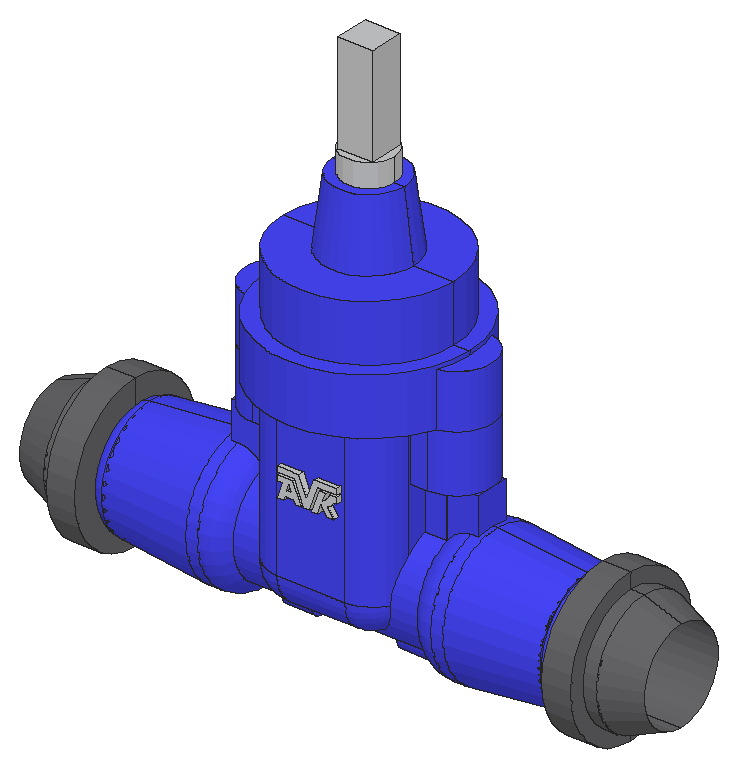
Revit family "03-30-005 DN25-50", category Pipe Accessories, Revit 2022
Family settings
  Round Connector Dimension = Use Diameter
  Part Type = Valve - Breaks Into
  Work Plane-Based = No
  Always vertical = Yes
  Cut with Voids When Loaded = No
  Shared = No
Parameters (values of type "DN020_PN16")
  bonnet_W = size_lookup(Search_table, "bonnet_W", 0 mm, DN) / 2  # 35.5 mm
  bonnet_L = size_lookup(Search_table, "bonnet_L", 0 mm, DN) / 2  # 51 mm
  W = size_lookup(Search_table, "W", 0 mm, DN) / 2  # 35.5 mm
  URL_product_pages = "https://www.avkvalves.com/P.aspx?no=03025300046499"
  Thickness = Body_T * 0.35  # 7 mm
  T = size_lookup(Search_table, "T", 0 mm, DN)  # 5 mm
  Search_table = "03-30-005 DN25-50"
  Rib_L = Body_L1 * 0.75  # 25.163 mm
  Od11 = (H3 - H) * 0.8  # 19.2 mm
  O2 = size_lookup(Search_table, "O2", 0 mm, DN) / 2  # 16.25 mm
  O1 = size_lookup(Search_table, "O1", 0 mm, DN) / 2  # 26.5 mm
  L3 = L2 * 1.1  # 45.1 mm
  L2 = L / 2  # 41 mm
  L1 = size_lookup(Search_table, "L1", 0 mm, DN) / 2  # 109.5 mm
  L = size_lookup(Search_table, "L", 0 mm, DN) / 2  # 82 mm
  H3-H = H3 - H  # 24 mm
  F6 = Body_L * 1.01  # 30.805 mm
  F5 = F4 * 1.9  # 29.925 mm
  F4 = F3 * 1.25  # 15.75 mm
  F3 = F1 * 1.4  # 12.6 mm
  F2 = size_lookup(Search_table, "F2", 0 mm, DN)  # 35 mm
  F12 = F2 * 0.23  # 8.05 mm
  F11 = F1 * 1.2  # 10.8 mm
  F1 = 9 mm  # constant formula
  F = size_lookup(Search_table, "F", 0 mm, DN) / 2  # 6 mm
  Description_ = "AVK SERVICE CONNECTION VALVE, DI, PN16"
  Default Elevation = 0 mm
  Dd1 = size_lookup(Search_table, "Dd1", 0 mm, DN) / 2  # 21 mm
  DN025_PN16 = "03-032-30-0046499\r\n 03-032-30-0046499\r\n03-032-30-0046499\r\n03-032-30-0046499\r\n03-032-30-0046499"
  DN050_PN16 = "03-063-30-00"
  DN040_PN16 = "03-050-30-00"
  DN032_PN16 = "03-040-30-0046499"
  DN020_PN16 = "03-025-30-0046499"
  DN = 20 mm
  H3 = size_lookup(Search_table, "H3", 0 mm, DN)  # 187 mm
  D2 = Dd * 1.3  # 17.55 mm
  D1 = Dd * 1.15  # 15.525 mm
  Dd = size_lookup(Search_table, "Dd", 0 mm, DN) / 2  # 13.5 mm
  H = size_lookup(Search_table, "H", 0 mm, DN)  # 163 mm
  Bore = DN / 2  # 10 mm
  Bonnet_R = size_lookup(Search_table, "Bonnet_R", 0 mm, DN)  # 12.5 mm
  Body_rib1 = Body_L * 1.05  # 32.025 mm
  Body_W = size_lookup(Search_table, "Body_W", 0 mm, DN) / 2  # 25.5 mm
  Body_T = size_lookup(Search_table, "Body_T", 0 mm, DN)  # 20 mm
  Body_Rib_L = Dd / 2  # 6.75 mm
  Body_L2 = Body_L1 * 1.2  # 40.26 mm
  Body_L1 = Body_L * 1.1  # 33.55 mm
  Body_L = size_lookup(Search_table, "Body_L", 0 mm, DN) / 2  # 30.5 mm
  Body_H = size_lookup(Search_table, "Body_H", 0 mm, DN) * 1.1  # 56.1 mm
  Body_L3 = Body_L * 0.8  # 24.4 mm
  6 = 6 mm  # constant formula
  15 = 15 mm  # constant formula
  10 = 10 mm  # constant formula
  1 = 1 mm  # constant formula
  0 = 0 mm  # constant formula
Types (6, lengths in mm): name | bonnet_W | bonnet_L | W | Thickness | Rib_L | Od11 | O2 | O1 | L3 | L2 | L1 | L | H3-H | F6 | Dd1 | DN | H3 | D2 | D1 | Dd | H | Bore | Body_rib1 | Body_W | Body_T | Body_Rib_L | Body_L2 | Body_L1 | Body_L | Body_H | Body_L3
  (no name) | 35.5 | 51 | 35.5 | 7 | 25.163 | 19.2 | 16.25 | 26.5 | 45.1 | 41 | 109.5 | 82 | 24 | 30.805 | 21 | 20 | 187 | 17.55 | 15.525 | 13.5 | 163 | 10 | 32.025 | 25.5 | 20 | 6.75 | 40.26 | 33.55 | 30.5 | 56.1 | 24.4
  DN020_PN16 | 35.5 | 51 | 35.5 | 7 | 25.163 | 19.2 | 16.25 | 26.5 | 45.1 | 41 | 109.5 | 82 | 24 | 30.805 | 21 | 20 | 187 | 17.55 | 15.525 | 13.5 | 163 | 10 | 32.025 | 25.5 | 20 | 6.75 | 40.26 | 33.55 | 30.5 | 56.1 | 24.4
  DN025_PN16 | 35.5 | 51 | 35.5 | 7 | 25.163 | 23.2 | 16.25 | 26.5 | 50.875 | 46.25 | 109.5 | 92.5 | 29 | 30.805 | 24.5 | 25 | 192 | 20.8 | 18.4 | 16 | 163 | 12.5 | 32.025 | 25.5 | 20 | 8 | 40.26 | 33.55 | 30.5 | 56.1 | 24.4
  DN032_PN16 | 35.5 | 51 | 35.5 | 7 | 25.163 | 25.6 | 20.5 | 30 | 56.375 | 51.25 | 119.5 | 102.5 | 32 | 30.805 | 29 | 32 | 208 | 27.95 | 24.725 | 21.5 | 176 | 16 | 32.025 | 25.5 | 20 | 10.75 | 40.26 | 33.55 | 30.5 | 69.3 | 24.4
  DN040_PN16 | 45 | 62.5 | 45 | 10.15 | 35.888 | 30.4 | 25.5 | 36 | 70.4 | 64 | 151 | 128 | 38 | 43.935 | 31 | 40 | 262 | 33.8 | 29.9 | 26 | 224 | 20 | 45.675 | 37.5 | 29 | 13 | 57.42 | 47.85 | 43.5 | 99 | 34.8
  DN050_PN16 | 45 | 62.5 | 45 | 10.5 | 35.888 | 38.4 | 31.5 | 43 | 84.15 | 76.5 | 176 | 153 | 48 | 43.935 | 35 | 50 | 282 | 44.2 | 39.1 | 34 | 234 | 25 | 45.675 | 37.5 | 30 | 17 | 57.42 | 47.85 | 43.5 | 110 | 34.8
Reference planes
  plane 1 "Center (Front/Back)": y = 0
  plane 2: z = 0
  plane 3 "Center (Left/Right)": x = 0
  plane 4: z = 10
  plane 5: z = -10
  plane 6: y = -13.5
  plane 7: y = 13.5
  plane 8: z = 13.5
  plane 9: z = -13.5
  plane 10: x = -109.5
  plane 11: x = 109.5
  plane 12: z = -24
  plane 13: x = -25.162
  plane 14: x = 25.163
  plane 15: z = 56.1
  plane 16: z = 76.1
  plane 17: z = 163
  plane 18: x = -6
  plane 19: x = 6
  plane 20: x = -9
  plane 21: x = 6
  plane 22: y = 17.75
  plane 23: y = -17.75
  plane 24: x = -82
  plane 25: x = 82
  plane 26: x = -51
  plane 27: z = 26.5
  plane 28: z = 13.5
  plane 29: z = -13.5
  plane 30: z = 128
  plane 31: z = 119.95
  plane 32: x = 9
  plane 33: y = 35.5
  plane 34: y = -35.5
Forms (mm)
  Revolve 1, solid, material "Laminate, Blue, Matte"
    sketch origin (0, 0, 0) x (1, 0, 0) y (0, 0, 1)
      loop
        line (-51, 19.2) -> (-51, 10) -> (51, 10) -> (51, 19.2) -> (-51, 19.2)
      axis (-51, 0) -> (51, 0)
    angle from 0 to 360
  Extrusion 2, solid, material "Laminate, Blue, Matte"
    sketch origin (-25.162, -1524, 129.627) x (0, 0, 1) y (0, -1, 0)
      loop
        line (-129.627, -1517.25) -> (-147.627, -1517.25)
        arc (-147.627, -1517.25) -> (-151.869, -1519.007) -> (-153.627, -1523.25) r 6
        line (-153.627, -1523.25) -> (-153.627, -1524.75)
        arc (-153.627, -1524.75) -> (-151.869, -1528.993) -> (-147.627, -1530.75) r 6
        line (-147.627, -1530.75) -> (-129.627, -1530.75) -> (-129.627, -1517.25)
    from 0 to 10
  Extrusion 3, solid, material "Laminate, Blue, Matte"
    sketch origin (0, 0, 0) x (0, 1, 0) y (0, 0, 1)
      loop
        line (6.75, 0) -> (-6.75, 0) -> (-6.75, -18)
        arc (-6.75, -18) -> (-4.993, -22.243) -> (-0.75, -24) r 6
        line (-0.75, -24) -> (0.75, -24)
        arc (0.75, -24) -> (4.993, -22.243) -> (6.75, -18) r 6
        line (6.75, -18) -> (6.75, 0)
    from 15.163 to 25.163
  Extrusion 4, solid, material "Laminate, Blue, Matte"
    sketch origin (0, 0, 0) x (1, 0, 0) y (0, 1, 0)
      loop
        arc (-11.9, 25.5) -> (-20.739, 21.839) -> (-24.4, 13) r 12.5
        line (-24.4, 13) -> (-24.4, -13)
        arc (-24.4, -13) -> (-20.739, -21.839) -> (-11.9, -25.5) r 12.5
        line (-11.9, -25.5) -> (11.9, -25.5)
        arc (11.9, -25.5) -> (20.739, -21.839) -> (24.4, -13) r 12.5
        line (24.4, -13) -> (24.4, 13)
        arc (24.4, 13) -> (20.739, 21.839) -> (11.9, 25.5) r 12.5
        line (11.9, 25.5) -> (-11.9, 25.5)
    from 0 to 56.1
  Revolve 5, solid, material "Laminate, Blue, Matte"
    sketch origin (0, 0, 0) x (1, 0, 0) y (0, 0, 1)
      loop
        line (0, 56.1) -> (35.5, 56.1) -> (35.5, 76.1) -> (29.925, 76.1) -> (29.925, 96.1) -> (15.75, 96.1) -> (12.6, 119.95) -> (0, 119.95) -> (0, 56.1)
      axis (0, 119.95) -> (0, 56.1)
    angle from 0 to 360
  Revolve 6, solid, material "Laminate, Blue, Matte"
    sketch origin (0, 0, 0) x (1, 0, 0) y (0, 1, 0)
      loop
        line (11.9, 25.5) -> (-11.9, 25.5)
        arc (-11.9, 25.5) -> (-20.739, 21.839) -> (-24.4, 13) r 12.5
        line (-24.4, 13) -> (24.4, 13)
        arc (24.4, 13) -> (20.739, 21.839) -> (11.9, 25.5) r 12.5
      axis (-24.4, 13) -> (24.4, 13)
    angle from 0 to 360
  Extrusion 7, solid, material "Laminate, Blue, Matte"
    sketch origin (0, 0, 0) x (1, 0, 0) y (0, 0, 1)
      loop
        line (-32.025, 36.1) -> (-32.025, 10) -> (32.025, 10) -> (32.025, 36.1) -> (-32.025, 36.1)
    from -6 to 6
  Revolve 8, solid, material "Laminate, Blue, Matte"
    sketch origin (0, 0, 0) x (1, 0, 0) y (0, 1, 0)
      loop
        line (-11.9, -25.5) -> (11.9, -25.5)
        arc (11.9, -25.5) -> (20.739, -21.839) -> (24.4, -13) r 12.5
        line (24.4, -13) -> (-24.4, -13)
        arc (-24.4, -13) -> (-20.739, -21.839) -> (-11.9, -25.5) r 12.5
      axis (-24.4, -13) -> (24.4, -13)
    angle from 0 to 360
  Extrusion 9, solid, material "Laminate, Blue, Matte"
    sketch origin (-665.138, -1524, 56.1) x (-1, 0, 0) y (0, -1, 0)
      loop
        arc (-634.333, -1536.5) -> (-621.833, -1524) -> (-634.333, -1511.5) r 12.5
        line (-634.333, -1511.5) -> (-695.943, -1511.5)
        arc (-695.943, -1511.5) -> (-708.443, -1524) -> (-695.943, -1536.5) r 12.5
        line (-695.943, -1536.5) -> (-634.333, -1536.5)
    from 0 to -20
  Extrusion 10, solid, material "Laminate, Blue, Matte"
    sketch origin (-665.138, -1524, 56.1) x (-1, 0, 0) y (0, -1, 0)
      loop
        arc (-634.333, -1536.5) -> (-621.833, -1524) -> (-634.333, -1511.5) r 12.5
        line (-634.333, -1511.5) -> (-695.943, -1511.5)
        arc (-695.943, -1511.5) -> (-708.443, -1524) -> (-695.943, -1536.5) r 12.5
        line (-695.943, -1536.5) -> (-634.333, -1536.5)
    from 0 to 19
  Revolve 11, solid, material "Aluminum 1100-O"
    sketch origin (0, 0, 0) x (1, 0, 0) y (0, 0, 1)
      loop
        line (-51, 0) -> (-51, -10) -> (51, -10) -> (51, 0) -> (-51, 0)
      axis (-51, 0) -> (51, 0)
    angle from 0 to 360
  Revolve 12, solid, material "Laminate, Blue, Matte"
    sketch origin (0, 0, 0) x (1, 0, 0) y (0, 0, 1)
      loop
        line (51, 10) -> (76.5, 10)
        arc (76.5, 10) -> (82, 15.5) -> (76.5, 21) r 5.5
        line (76.5, 21) -> (51, 21) -> (51, 10)
      loop
        line (-51, 21) -> (-76.5, 21)
        arc (-76.5, 21) -> (-82, 15.5) -> (-76.5, 10) r 5.5
        line (-76.5, 10) -> (-51, 10) -> (-51, 21)
      axis (-76.5, 0) -> (76.5, 0)
    angle from 0 to 360
  Revolve 13, solid, material "Laminate, Blue, Matte"
    sketch origin (0, 0, 0) x (1, 0, 0) y (0, 0, 1)
      loop
        line (-77, 21) -> (-77, 10) -> (-32.025, 10)
        arc (-32.025, 10) -> (-32.685, 19.454) -> (-41, 24) r 9.877
        line (-41, 24) -> (-45.1, 24) -> (-77, 21)
      loop
        line (77, 21) -> (45.1, 24) -> (41, 24)
        arc (41, 24) -> (32.685, 19.454) -> (32.025, 10) r 9.877
        line (32.025, 10) -> (77, 10) -> (77, 21)
      axis (-77, 0) -> (77, 0)
    angle from 0 to 360
  Revolve 14, solid, material "Aluminum 1100-O"
    sketch origin (0, 0, 0) x (1, 0, 0) y (0, 0, 1)
      loop
        line (109.5, 16.25) -> (97, 21.25) -> (92, 21.25) -> (92, 26.5) -> (82, 26.5) -> (82, 16.25) -> (109.5, 16.25)
      loop
        line (-109.5, 16.25) -> (-82, 16.25) -> (-82, 26.5) -> (-92, 26.5) -> (-92, 21.25) -> (-97, 21.25) -> (-109.5, 16.25)
      axis (-109.5, 0) -> (109.5, 0)
    angle from 0 to 360
  Extrusion 15, solid, material "Default New Material"
    sketch origin (-88.047, -1524, 119.95) x (-1, 0, 0) y (0, -1, 0)
      loop
        circle (-88.047, -1524) r 9
    from 0 to 8.05
  Extrusion 16, solid, material "Default New Material"
    sketch origin (-88.047, -1524, 119.95) x (-1, 0, 0) y (0, -1, 0)
      loop
        line (-82.047, -1530) -> (-82.047, -1518) -> (-94.047, -1518) -> (-94.047, -1530) -> (-82.047, -1530)
    from 8.05 to 43.05
  Extrusion 17, solid, material "Laminate, Blue, Matte"
    sketch origin (0, 0, 0) x (1, 0, 0) y (0, 0, 1)
      loop
        line (-43.305, 36.1) -> (-43.305, 13.5) -> (43.305, 13.5) -> (43.305, 36.1) -> (-43.305, 36.1)
    from -6 to 6
Dimensions and locks
  equal spacing: plane 4, level, plane 5
  "Bore": plane 4 to level
  equal spacing: plane 7, plane 1 "Center (Front/Back)", plane 6
  "Dd": plane 7 to plane 1 "Center (Front/Back)"
  equal spacing: plane 8, level, plane 9
  "Dd": plane 8 to level
  equal spacing: plane 11, plane 3 "Center (Left/Right)", plane 10
  "bonnet_L": plane 3 "Center (Left/Right)" to Revolve 1 sketch curve
  equal spacing: Revolve 1 sketch curve, plane 3 "Center (Left/Right)", Revolve 1 sketch curve
  "H3-H": level to plane 12
  equal spacing: plane 14, plane 3 "Center (Left/Right)", plane 13
  "Rib_L": plane 14 to plane 3 "Center (Left/Right)"
  equal spacing: Extrusion 2 sketch curve, plane 1 "Center (Front/Back)", Extrusion 2 sketch curve
  "Body_Rib_L": Extrusion 2 sketch curve to plane 1 "Center (Front/Back)"
  "H3-H": level to Extrusion 2 sketch curve
  "10": Extrusion 2 to plane 13
  equal spacing: Extrusion 3 sketch curve, plane 1 "Center (Front/Back)", Extrusion 3 sketch curve
  "Body_Rib_L": plane 1 "Center (Front/Back)" to Extrusion 3 sketch curve
  equal spacing: Extrusion 3, plane 3 "Center (Left/Right)", Extrusion 2
  equal spacing: Extrusion 4 sketch curve, plane 3 "Center (Left/Right)", Extrusion 4 sketch curve
  equal spacing: Extrusion 4 sketch curve, plane 1 "Center (Front/Back)", Extrusion 4 sketch curve
  "Body_L3": Extrusion 4 sketch curve to plane 3 "Center (Left/Right)"
  "Body_W": plane 1 "Center (Front/Back)" to Extrusion 4 sketch curve
  "Body_H": plane 15 to level
  "Body_T": plane 16 to plane 15
  "F": plane 3 "Center (Left/Right)" to plane 18
  "F1": plane 3 "Center (Left/Right)" to plane 20
  "H": plane 17 to level
  "F4": Revolve 5 sketch curve to plane 3 "Center (Left/Right)"
  "W": Revolve 5 sketch curve to plane 3 "Center (Left/Right)"
  "Body_T": Revolve 5 sketch curve to plane 16
  "F5": Revolve 5 sketch curve to plane 3 "Center (Left/Right)"
  "Body_T": plane 15 to Extrusion 7 sketch curve
  equal spacing: Extrusion 7 sketch curve, plane 3 "Center (Left/Right)", Extrusion 7 sketch curve
  "Body_rib1": plane 3 "Center (Left/Right)" to Extrusion 7 sketch curve
  equal spacing: Extrusion 7, plane 1 "Center (Front/Back)", Extrusion 7
  "6": Extrusion 7 to plane 1 "Center (Front/Back)"
  "Body_T": plane 15 to Extrusion 9
  equal spacing: Extrusion 9 sketch curve, plane 1 "Center (Front/Back)", Extrusion 9 sketch curve
  "F6": plane 3 "Center (Left/Right)" to Extrusion 9 sketch curve
  equal spacing: Extrusion 9 sketch curve, plane 3 "Center (Left/Right)", Extrusion 9 sketch curve
  equal spacing: Extrusion 10 sketch curve, plane 3 "Center (Left/Right)", Extrusion 10 sketch curve
  equal spacing: Extrusion 10 sketch curve, plane 1 "Center (Front/Back)", Extrusion 10 sketch curve
  "F6": Extrusion 10 sketch curve to plane 3 "Center (Left/Right)"
  "1": plane 16 to Extrusion 10
  "Body_T": plane 15 to nested 1
  plane 8 to plane 9 = 27 mm  (x2)
  plane 17 to level = 163 mm
  plane 17 to plane 12 = 187 mm
  plane 19 to plane 18 = 12 mm
  equal spacing: plane 22, plane 1 "Center (Front/Back)", plane 23
  "bonnet_W": plane 22 to plane 23
  plane 22 to plane 23 = 35.5 mm
  "L1": plane 3 "Center (Left/Right)" to plane 10
  equal spacing: plane 25, plane 3 "Center (Left/Right)", plane 24
  "L": plane 3 "Center (Left/Right)" to plane 24
  "bonnet_L": plane 3 "Center (Left/Right)" to plane 26
  equal spacing: Revolve 11 sketch curve, plane 3 "Center (Left/Right)", Revolve 11 sketch curve
  "bonnet_L": plane 3 "Center (Left/Right)" to Revolve 11 sketch curve
  "Bore": level to Revolve 11 sketch curve
  "L": Revolve 12 sketch curve to plane 3 "Center (Left/Right)"
  "bonnet_L": plane 3 "Center (Left/Right)" to Revolve 12 sketch curve
  "L": plane 3 "Center (Left/Right)" to Revolve 12 sketch curve
  "Dd1": Revolve 12 sketch curve to level
  "O1": plane 27 to level
  "T": Revolve 13 sketch curve to plane 24
  "Dd1": Revolve 13 sketch curve to level  (x2)
  "bonnet_L": Revolve 12 sketch curve to plane 3 "Center (Left/Right)"
  "T": plane 25 to Revolve 13 sketch curve
  "Od11": Revolve 1 sketch curve to level
  "L3": plane 3 "Center (Left/Right)" to Revolve 13 sketch curve
  "H3-H": Revolve 13 sketch curve to level  (x2)
  "Body_rib1": Revolve 13 sketch curve to plane 3 "Center (Left/Right)"
  "L2": Revolve 13 sketch curve to plane 3 "Center (Left/Right)"  (x2)
  "L3": Revolve 13 sketch curve to plane 3 "Center (Left/Right)"
  "Body_rib1": plane 3 "Center (Left/Right)" to Revolve 13 sketch curve
  "L2": plane 3 "Center (Left/Right)" to Revolve 13 sketch curve  (x2)
  "O2": Revolve 14 sketch curve to level
  "O1": Revolve 14 sketch curve to level
  "10": Revolve 14 sketch curve to plane 25
  "15": Revolve 14 sketch curve to plane 25
  "L1": Revolve 14 sketch curve to plane 3 "Center (Left/Right)"
  "L1": plane 3 "Center (Left/Right)" to Revolve 14 sketch curve
  "15": plane 24 to Revolve 14 sketch curve
  "10": plane 24 to Revolve 14 sketch curve
  "T": Revolve 14 sketch curve to Revolve 14 sketch curve
  "Dd": plane 28 to level
  equal spacing: plane 28, level, plane 29
  plane 11 to plane 10 = 219 mm
  plane 25 to plane 24 = 164 mm
  "F2": plane 17 to plane 30
  "F12": plane 30 to plane 31
  equal spacing: plane 32, plane 3 "Center (Left/Right)", plane 20
  plane 32 to plane 20 = 18 mm
  "F1": plane 32 to plane 3 "Center (Left/Right)"
  "F3": Revolve 5 sketch curve to plane 3 "Center (Left/Right)"
  equal spacing: Extrusion 15 sketch curve, plane 3 "Center (Left/Right)", Extrusion 15 sketch curve
  equal spacing: Extrusion 15 sketch curve, plane 1 "Center (Front/Back)", Extrusion 15 sketch curve
  equal spacing: Extrusion 16 sketch curve, plane 3 "Center (Left/Right)", Extrusion 16 sketch curve
  equal spacing: Extrusion 16 sketch curve, plane 1 "Center (Front/Back)", Extrusion 16 sketch curve
  "F": Extrusion 16 sketch curve to plane 3 "Center (Left/Right)"
  "F": plane 1 "Center (Front/Back)" to Extrusion 16 sketch curve
  equal spacing: plane 33, plane 1 "Center (Front/Back)", plane 34
  "W": plane 33 to plane 1 "Center (Front/Back)"
  plane 33 to plane 34 = 71 mm
  equal spacing: Extrusion 17 sketch curve, plane 3 "Center (Left/Right)", Extrusion 17 sketch curve
  equal spacing: Extrusion 17, plane 1 "Center (Front/Back)", Extrusion 17
  "6": Extrusion 17 to plane 1 "Center (Front/Back)"
  "6": radius of Extrusion 2 sketch curve  (x2)
  "6": radius of Extrusion 3 sketch curve  (x2)
  "Bonnet_R": radius of Extrusion 4 sketch curve  (x4)
  "Bonnet_R": radius of Extrusion 9 sketch curve  (x2)
  "Bonnet_R": radius of Extrusion 10 sketch curve
  "F1": radius of Extrusion 15 sketch curve
  aligned and locked: level to plane 2
  aligned and locked: plane 4 to Revolve 1 sketch curve
  aligned and locked: Revolve 1 sketch curve to level
  aligned and locked: Extrusion 2 to plane 13
  aligned and locked: Extrusion 2 sketch curve to level
  aligned and locked: plane 12 to Extrusion 3 sketch curve
  aligned and locked: Extrusion 3 sketch curve to level
  aligned and locked: plane 14 to Extrusion 3
  aligned and locked: Extrusion 4 to level
  aligned and locked: plane 15 to Extrusion 4
  aligned and locked: Revolve 5 sketch curve to plane 3 "Center (Left/Right)"
  aligned and locked: Revolve 6 sketch curve to Extrusion 4  (x2)
  aligned and locked: Revolve 6 sketch curve to Revolve 6 sketch curve
  aligned and locked: plane 4 to Extrusion 7 sketch curve
  aligned and locked: Revolve 8 sketch curve to Extrusion 4  (x2)
  aligned and locked: Revolve 8 sketch curve to Revolve 8 sketch curve
  aligned and locked: plane 15 to Extrusion 9
  aligned and locked: Extrusion 10 to plane 15
  aligned and locked: plane 3 "Center (Left/Right)" to nested 1
  aligned and locked: Revolve 11 sketch curve to level  (x2)
  aligned and locked: Revolve 12 sketch curve to plane 4
  aligned and locked: plane 4 to Revolve 12 sketch curve
  aligned and locked: Revolve 12 sketch curve to level
  aligned and locked: Revolve 12 sketch curve to Revolve 12 sketch curve
  aligned and locked: plane 4 to Revolve 13 sketch curve
  aligned and locked: Revolve 13 sketch curve to level
  aligned and locked: Revolve 14 sketch curve to plane 25
  aligned and locked: Revolve 14 sketch curve to level
  aligned and locked: Revolve 14 sketch curve to plane 24
  aligned and locked: Revolve 14 sketch curve to Revolve 14 sketch curve  (x3)
  aligned and locked: plane 31 to Revolve 5 sketch curve
  aligned and locked: Extrusion 15 to plane 31
  aligned and locked: plane 30 to Extrusion 15
  aligned and locked: Extrusion 16 to plane 30
  aligned and locked: plane 17 to Extrusion 16
  aligned and locked: Extrusion 9 to Extrusion 17 sketch curve
  aligned and locked: Extrusion 17 sketch curve to plane 28
Automatic sketch dimensions
  Revolve 6 sketch curve to Revolve 6 sketch curve = 2.192 mm
  Revolve 6 sketch curve to Revolve 6 sketch curve = 1.963 mm
  Revolve 8 sketch curve to Revolve 8 sketch curve = 4.921 mm
  Revolve 8 sketch curve to Revolve 8 sketch curve = 0.136 mm
  plane 26 to Extrusion 17 sketch curve = 7.695 mm
  plane 10 to Revolve 1 sketch curve = 5.283 mm
  Revolve 1 sketch curve to plane 13 = 2.979 mm
  Revolve 5 sketch curve to plane 3 "Center (Left/Right)" = 0 mm
  Revolve 5 sketch curve to plane 15 = 0 mm
  Revolve 5 sketch curve to plane 16 = 0 mm
  Revolve 5 sketch curve to plane 31 = 16.293 mm
  Revolve 5 sketch curve to plane 31 = 0.905 mm
  Revolve 11 sketch curve to Revolve 11 sketch curve = 4.8 mm
  Revolve 11 sketch curve to Revolve 11 sketch curve = 15.2 mm
  plane 10 to Revolve 12 sketch curve = 2.407 mm
  Revolve 12 sketch curve to plane 26 = 10.093 mm
  Revolve 13 sketch curve to plane 4 = 0 mm
  plane 10 to Revolve 13 sketch curve = 3.486 mm
  Revolve 13 sketch curve to plane 10 = 7.864 mm
  Revolve 14 sketch curve to plane 25 = 28.155 mm
  plane 25 to Revolve 14 sketch curve = 1.845 mm
Nested families
  nested 1: "Avk logo smaller one" at (0, -25.5, 31.1) x (1, 0, 0) z (0, -1, 0), type "Avk logo smaller one"
Connectors
  piping at (-92, 0, 0), diameter 20, driven by "DN"
    settings: on Revolve 14, index 3, connector inside diameter 609.6 mm, connector length 0 mm, flow factor 0, pipe flow 0.0 L/s, pressure drop 0.0 Pa, fitting loss kfactor 0, connector angle 0.00°, fixture units 0, engagement length 0 mm, angle of deflection 0.00°, flow configuration 0, flow direction 0, fitting loss method 0, system type 7, joint type 0, gender type 0, connector reference index -1, connector utility 0, adjustable connector no, is connector primary yes, connector description ""
  piping at (92, 0, 0), diameter 20, driven by "DN"
    settings: on Revolve 14, index 4, connector inside diameter 609.6 mm, connector length 0 mm, flow factor 0, pipe flow 0.0 L/s, pressure drop 0.0 Pa, fitting loss kfactor 0, connector angle 0.00°, fixture units 0, engagement length 0 mm, angle of deflection 0.00°, flow configuration 0, flow direction 0, fitting loss method 0, system type 7, joint type 0, gender type 0, connector reference index -1, connector utility 0, adjustable connector no, is connector primary no, connector description ""
Definition of nested family "Avk logo smaller one"
  Parameters (values of type "Avk logo smaller one")
    Default Elevation = 10 mm  # constant formula
    5 = 5 mm  # constant formula
    10 = 10 mm  # constant formula
    1 = 1 mm  # constant formula
  Reference planes
    plane 1 "Center (Front/Back)": y = 0
    plane 2: z = 0
    plane 3 "Center (Left/Right)": x = 0
    plane 4: z = -5
    plane 5: y = 5
    plane 6: x = 10
    plane 7: x = -10
    plane 8: y = -5
  Forms (mm)
    Extrusion 1, solid
      sketch origin (0, 0, 0) x (1, 0, 0) y (0, 1, 0)
        loop
          line (-26.697, 30) -> (-26.697, -20.859) -> (26.519, -20.859) -> (26.519, 30) -> (-26.697, 30)
      from 0 to -13.628
    Extrusion 2, solid
      sketch origin (0.726, 0, 0) x (1, 0, 0) y (0, 1, 0)
        loop
          line (-10.726, 5) -> (-10.726, 3.049) -> (-4.87, 3.049) -> (-1.624, -5) -> (0.402, -5) -> (3.491, 3.049) -> (9.911, 3.049) -> (9.911, 5) -> (1.941, 5) -> (-0.627, -1.891) -> (-3.272, 5) -> (-10.726, 5)
        loop
          line (-10.726, 2.311) -> (-10.726, 0.229) -> (-8.927, 0.229) -> (-10.658, -5) -> (-8.613, -5) -> (-8.045, -3.593) -> (-5.189, -3.593) -> (-4.46, -5) -> (-2.401, -5) -> (-5.284, 2.311) -> (-10.726, 2.311)
        loop
          line (-7.637, -1.797) -> (-5.952, -1.797) -> (-6.807, 0.432) -> (-7.637, -1.797)
        loop
          line (1.381, -5) -> (3.416, -5) -> (4.458, -2.017) -> (6.333, -5) -> (8.907, -5) -> (6.715, -1.581)
          arc (6.715, -1.581) -> (8.018, -0.944) -> (8.873, 0.229) r 3.014
          line (8.873, 0.229) -> (9.911, 0.229) -> (9.911, 2.311) -> (7.594, 2.311)
          arc (7.594, 2.311) -> (6.805, 0.579) -> (5.137, -0.337) r 3.018
          line (5.137, -0.337) -> (6.207, 2.311) -> (4.172, 2.311) -> (1.381, -5)
      from 0 to 2
  Dimensions and locks
    "5": level to plane 4
    equal spacing: plane 8, plane 1 "Center (Front/Back)", plane 5
    equal spacing: plane 7, plane 3 "Center (Left/Right)", plane 6
    "5": plane 1 "Center (Front/Back)" to plane 5
    "10": plane 7 to plane 3 "Center (Left/Right)"
    aligned and locked: plane 2 to Extrusion 1
    aligned and locked: level to Extrusion 1
    aligned and locked: Extrusion 2 sketch curve to Extrusion 2 sketch curve  (x10)
    aligned and locked: Extrusion 2 to plane 8
    aligned and locked: plane 5 to Extrusion 2
    aligned and locked: Extrusion 2 to plane 7
  Automatic sketch dimensions
    Extrusion 1 sketch curve to Extrusion 1 sketch curve = 53.215 mm
    Extrusion 1 sketch curve to Extrusion 1 sketch curve = 50.859 mm
    Extrusion 2 sketch curve to plane 5 = 0 mm
    Extrusion 2 sketch curve to plane 7 = 0 mm
    Extrusion 2 sketch curve to plane 8 = 0 mm
    plane 7 to Extrusion 2 sketch curve = 0.068 mm
    Extrusion 2 sketch curve to plane 1 "Center (Front/Back)" = 0.229 mm  (x2)
    plane 7 to Extrusion 2 sketch curve = 1.798 mm
    Extrusion 2 sketch curve to Extrusion 2 sketch curve = 2.044 mm
    Extrusion 2 sketch curve to Extrusion 2 sketch curve = 0.569 mm
    Extrusion 2 sketch curve to Extrusion 2 sketch curve = 0.407 mm
    Extrusion 2 sketch curve to plane 1 "Center (Front/Back)" = 0.432 mm
    Extrusion 2 sketch curve to Extrusion 2 sketch curve = 2.12 mm
    plane 1 "Center (Front/Back)" to Extrusion 2 sketch curve = 1.797 mm
    Extrusion 2 sketch curve to Extrusion 2 sketch curve = 1.686 mm
    Extrusion 2 sketch curve to Extrusion 2 sketch curve = 1.523 mm
    plane 8 to Extrusion 2 sketch curve = 1.407 mm
    Extrusion 2 sketch curve to Extrusion 2 sketch curve = 0.762 mm
    Extrusion 2 sketch curve to plane 5 = 1.951 mm
    Extrusion 2 sketch curve to Extrusion 2 sketch curve = 0.414 mm
    Extrusion 2 sketch curve to Extrusion 2 sketch curve = 0.73 mm
    Extrusion 2 sketch curve to Extrusion 2 sketch curve = 1.599 mm
    Extrusion 2 sketch curve to plane 3 "Center (Left/Right)" = 1.676 mm
    Extrusion 2 sketch curve to Extrusion 2 sketch curve = 0.777 mm
    plane 3 "Center (Left/Right)" to Extrusion 2 sketch curve = 0.099 mm
    plane 3 "Center (Left/Right)" to Extrusion 2 sketch curve = 1.127 mm
    Extrusion 2 sketch curve to Extrusion 2 sketch curve = 0.979 mm
    plane 3 "Center (Left/Right)" to Extrusion 2 sketch curve = 2.666 mm
    Extrusion 2 sketch curve to Extrusion 2 sketch curve = 2.035 mm
    Extrusion 2 sketch curve to Extrusion 2 sketch curve = 1.551 mm
    Extrusion 2 sketch curve to plane 1 "Center (Front/Back)" = 2.311 mm
    Extrusion 2 sketch curve to Extrusion 2 sketch curve = 0.681 mm
    plane 1 "Center (Front/Back)" to Extrusion 2 sketch curve = 2.017 mm
    Extrusion 2 sketch curve to Extrusion 2 sketch curve = 1.043 mm
    Extrusion 2 sketch curve to Extrusion 2 sketch curve = 0.42 mm
    plane 1 "Center (Front/Back)" to Extrusion 2 sketch curve = 0.337 mm
    Extrusion 2 sketch curve to Extrusion 2 sketch curve = 0.679 mm
    Extrusion 2 sketch curve to Extrusion 2 sketch curve = 0.944 mm
    Extrusion 2 sketch curve to Extrusion 2 sketch curve = 0.126 mm
    Extrusion 2 sketch curve to Extrusion 2 sketch curve = 2.917 mm
    plane 1 "Center (Front/Back)" to Extrusion 2 sketch curve = 1.581 mm
    Extrusion 2 sketch curve to Extrusion 2 sketch curve = 1.578 mm
    Extrusion 2 sketch curve to Extrusion 2 sketch curve = 1.386 mm
    Extrusion 2 sketch curve to plane 6 = 0.402 mm
    Extrusion 2 sketch curve to plane 6 = 0.368 mm
    plane 6 to Extrusion 2 sketch curve = 0.637 mm
    plane 1 "Center (Front/Back)" to Extrusion 2 sketch curve = 1.891 mm
